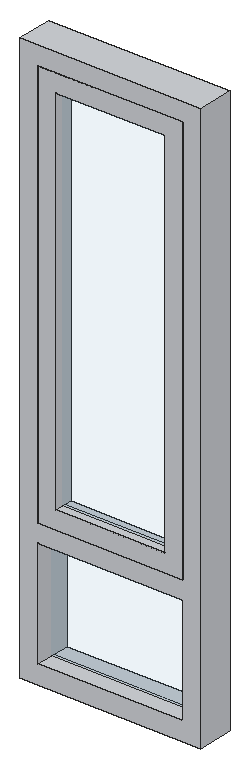
Revit family "W7_鋁窗", category 窗, Revit 2014
Parameters (values of type "60 x 190 cm")
  熱阻 (R) = 0.271106 (m²·K)/W
  Visual Light Transmittance = 0.9
  Solar Heat Gain Coefficient = 0.78
  營造類型 Id = "GSP4R"
  Height = 1900 mm
  傳熱係數 (U) = 3.6886 W/(m²·K)
  預設窗台高度 = 450 mm
  關鍵註記 = "固定窗-矩形"
  Rough Height = Height  # 1900 mm
  Rough Width = Width  # 600 mm
  玻璃材質 = 玻璃
  牆封閉 = 依主體
  Width = 600 mm
  裝飾外框材料 = none
  裝飾外框寬度 = 60 mm
  裝飾外框厚度 = 60 mm
  解析營造 = "1/8 英吋 Pilkington 單層鑲嵌玻璃"
Reference planes
  plane 1: y = 0
  plane 2 "中心 (左/右)": x = 0
  plane 3 "左": x = -300
  plane 4 "右": x = 300
  plane 5 "窗台": z = 450
  plane 6 "標頭": z = 2350
  plane 7 "外部": y = 75
  plane 8 "內部": y = -75
  plane 9: z = 1900
  plane 10: z = 900
Forms (mm)
  Extrusion 1, solid, material <- "裝飾外框材料"
    sketch origin (-5000, 0, 0) x (1, 0, 0) y (0, 0, 1)
      loop
        line (5300, 2350) -> (4700, 2350) -> (4700, 450) -> (5300, 450) -> (5300, 2350)
      loop
        line (5240, 2290) -> (4760, 2290) -> (4760, 930) -> (5240, 930) -> (5240, 2290)
      loop
        line (4760, 510) -> (5240, 510) -> (5240, 870) -> (4760, 870) -> (4760, 510)
    from -60 to 60
  Extrusion 2, solid, material "玻璃" <- "玻璃材質"
    sketch origin (-5000, 0, 0) x (1, 0, 0) y (0, 0, 1)
      loop
        line (5240, 870) -> (4760, 870) -> (4760, 510) -> (5240, 510) -> (5240, 870)
    from -5 to 5
Lines and regions (mm)
  Opening 1
    outline origin (3500, -75, 0) x (1, 0, 0) y (0, 0, 1)
      loop
        line (-3200, 450) -> (-3200, 2350) -> (-3800, 2350) -> (-3800, 450) -> (-3200, 450)
  symbolic lines, style "立面圖打開方向"
    curve 1: line (-240, 0, 2290) -> (240, 0, 1610)
    curve 2: line (240, 0, 1610) -> (-240, 0, 930)
Text (mm)
  text "外部" at (-1963.203, 1332.353, 0), in view "參考樓層"
  text "內部" at (-1981.466, -818.386, 0), in view "參考樓層"
  text "外部" at (0, 923.751, 2943.296), in view "右"
  text "外部" at (0, 1040.484, 2685.409), in view "左"
Dimensions and locks
  equal spacing: plane 3 "左", plane 2 "中心 (左/右)", plane 4 "右"
  "Width": plane 3 "左" to plane 4 "右"
  "Height": plane 5 "窗台" to plane 6 "標頭"
  "預設窗台高度": plane 5 "窗台" to level
  locked: plane 7 "外部" to host wall at 0
  locked: plane 8 "內部" to host wall
  locked: plane 9 to plane 6 "標頭" at 450
  locked: plane 5 "窗台" to plane 10 at 450
  aligned and locked: Extrusion 2 to Extrusion 1  (x8)
  aligned and locked: curve 1 to Extrusion 1
  aligned and locked: nested 1 to Extrusion 1  (x3)
Automatic sketch dimensions
  Opening 1 sketch curve to plane 3 "左" = 0 mm
  Opening 1 sketch curve to plane 4 "右" = 0 mm
  Opening 1 sketch curve to plane 5 "窗台" = 0 mm
  Opening 1 sketch curve to plane 6 "標頭" = 0 mm
  plane 3 "左" to Extrusion 1 sketch curve = 0 mm
  plane 4 "右" to Extrusion 1 sketch curve = 0 mm
  Extrusion 1 sketch curve to plane 5 "窗台" = 0 mm
  Extrusion 1 sketch curve to plane 6 "標頭" = 0 mm
  Extrusion 1 sketch curve to plane 3 "左" = 60 mm  (x2)
  plane 4 "右" to Extrusion 1 sketch curve = 60 mm  (x2)
  Extrusion 1 sketch curve to plane 5 "窗台" = 60 mm
  plane 6 "標頭" to Extrusion 1 sketch curve = 60 mm
  plane 10 to Extrusion 1 sketch curve = 30 mm
  Extrusion 1 sketch curve to plane 10 = 30 mm
  Extrusion 2 sketch curve to plane 3 "左" = 60 mm
  Extrusion 2 sketch curve to plane 5 "窗台" = 60 mm
  plane 4 "右" to Extrusion 2 sketch curve = 60 mm
  Extrusion 2 sketch curve to plane 10 = 30 mm
  curve 2 to plane 3 "左" = 60 mm
  plane 4 "右" to curve 2 = 60 mm
  plane 10 to curve 2 = 30 mm
  curve 2 to plane 9 = 290 mm
  plane 6 "標頭" to curve 1 = 60 mm
Nested families
  nested 1: "窗框" at (-267.428, 919.367, -70), type "窗框"
    with Height 1360 mm, Width 480 mm
Definition of nested family "窗框"
  Parameters (values of type "窗框")
    Height [instance] = 500 mm
    護桿寬度 = 20 mm
    護桿厚度 = 10 mm
    Rough Height = 500 mm
    Rough Width = 600 mm
    Width [instance] = 600 mm
    裝飾外框材料 = none
    玻璃材質 = none
    玻璃厚度 = 10 mm
    裝飾外框寬度 = 60 mm
    裝飾外框厚度 = 60 mm
    Assembly Code = ""
  Reference planes
    plane 1 "中心 (前/後)": y = -919.367
    plane 2: z = 0
    plane 3 "中心 (左/右)": x = 267.428
    plane 4 "玻璃-上": y = -944.367
    plane 5 "玻璃-下": y = -954.367
    plane 6: y = -979.367
    plane 7: x = -32.572
    plane 8: x = 567.428
    plane 9: x = 27.428
    plane 10: x = 507.428
    plane 11: z = 1440
    plane 12: z = 1500
    plane 13: z = 1060
    plane 14: z = 1000
    plane 15: y = -949.367
  Forms (mm)
    Extrusion 1, solid, material <- "玻璃材質"
      sketch origin (-1499.274, -949.367, 1200) x (-1, 0, 0) y (0, 0, 1)
        loop
          line (-1526.702, 240) -> (-2006.702, 240) -> (-2006.702, -140) -> (-1526.702, -140) -> (-1526.702, 240)
      from -5 to 5
    Extrusion 2, solid, material <- "裝飾外框材料"
      sketch origin (-1499.274, -949.367, 1200) x (-1, 0, 0) y (0, 0, 1)
        loop
          line (-1466.702, 300) -> (-2066.702, 300) -> (-2066.702, -200) -> (-1466.702, -200) -> (-1466.702, 300)
        loop
          line (-1526.702, 240) -> (-2006.702, 240) -> (-2006.702, -140) -> (-1526.702, -140) -> (-1526.702, 240)
      from -30 to 30
  Dimensions and locks
    equal spacing: plane 10, plane 3 "中心 (左/右)", plane 9
    "裝飾外框寬度": plane 8 to plane 10
    "裝飾外框寬度": plane 9 to plane 7
    "裝飾外框寬度": plane 12 to plane 11
    "Width": plane 8 to plane 7
    "裝飾外框寬度": plane 13 to plane 14
    "Height": plane 12 to plane 14
    plane 14 to level = 1000 mm
    equal spacing: plane 4 "玻璃-上", plane 15, plane 5 "玻璃-下"
    "玻璃厚度": plane 4 "玻璃-上" to plane 5 "玻璃-下"
    equal spacing: plane 6, plane 15, plane 1 "中心 (前/後)"
    "裝飾外框厚度": plane 6 to plane 1 "中心 (前/後)"
    aligned and locked: Extrusion 1 sketch curve to plane 11
    aligned and locked: plane 9 to Extrusion 1 sketch curve
    aligned and locked: Extrusion 1 sketch curve to plane 10
    aligned and locked: plane 13 to Extrusion 1 sketch curve
    aligned and locked: plane 7 to Extrusion 2 sketch curve
    aligned and locked: Extrusion 2 sketch curve to plane 12
    aligned and locked: Extrusion 2 sketch curve to plane 8
    aligned and locked: plane 9 to Extrusion 2 sketch curve
    aligned and locked: plane 13 to Extrusion 2 sketch curve
    aligned and locked: Extrusion 2 sketch curve to plane 10
    aligned and locked: Extrusion 2 sketch curve to plane 11
    aligned and locked: Extrusion 2 sketch curve to plane 14
    aligned and locked: plane 2 to level
    aligned and locked: plane 6 to Extrusion 2
    aligned and locked: plane 1 "中心 (前/後)" to Extrusion 2
    aligned and locked: plane 5 "玻璃-下" to Extrusion 1
    aligned and locked: plane 4 "玻璃-上" to Extrusion 1
